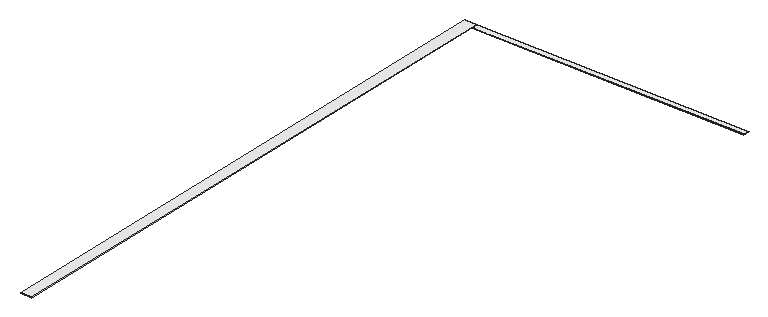
Revit family "Place Parking Interieur Standard", category Parking, Revit 2018
Family settings
  Basée sur le plan de construction = Non
  Toujours verticalement = Non
  Couper avec des vides une fois chargée = Non
  Partagée = Non
Parameters (values of type "PAR_INT_STANDARD")
  Angle = 90.00°
  Parking Length = 4800 mm
  Parking Width = 2400 mm
  pl = 4800 mm
  pw = 2400 mm
Reference planes
  plane 1 "Center (Front/Back)": y = 0
  plane 2: z = 0
  plane 3 "Center (Left/Right)": x = 0
  plane 4: y = -304.8
Forms (mm)
  Sweep 1, solid, material "Blanc"
    path in 3D
      loop
        line (0, 0, 0) -> (0, -4800, 0)
    profile origin (0, -2400, 0) x (1, 0, 0) y (0, 0, 1)
      loop
        line (-50.8, 0) -> (50.8, 0) -> (50.8, 3.175) -> (-50.8, 3.175) -> (-50.8, 0)
  Extrusion 2, solid, material "Blanc"
    sketch origin (0, 0, 0) x (1, 0, 0) y (0, 1, 0)
      loop
        line (50.8, 0) -> (50.8, -50) -> (2400, -50) -> (2400, 0) -> (50.8, 0)
    from 0 to 3.2
Lines and regions (mm)
  model lines, style "Reference Line"
    curve 1: line (2400, 0, 0) -> (2400, -4800, 0)
  model lines, style "Parking Layout"
    curve 2: line (2400, 0, 0) -> (0, 0, 0)
    curve 3: line (0, 0, 0) -> (0, -4800, 0)
  sketch lines
    curve 4: line (0, 0, 0) -> (0, -4800, 0)
Dimensions and locks
  "pw": curve 3 to curve 2
  "pl": curve 2 to curve 1
  "Angle": angle curve 3 to plane 4
  "Angle": angle curve 1 to plane 4
  aligned and locked: plane 1 "Center (Front/Back)" to curve 1
  aligned and locked: plane 3 "Center (Left/Right)" to curve 2
  aligned and locked: plane 1 "Center (Front/Back)" to curve 3
Automatic sketch dimensions
  curve 3 to curve 1 = 0 mm
  profile plane to Sweep 1 sketch curve = 50.8 mm
  Sweep 1 sketch curve to profile plane = 50.8 mm
  Sweep 1 sketch curve to Sweep 1 sketch curve = 3.175 mm
  plane 1 "Center (Front/Back)" to Extrusion 2 sketch curve = 0 mm
  plane 3 "Center (Left/Right)" to Extrusion 2 sketch curve = 50.8 mm
  plane 1 "Center (Front/Back)" to Extrusion 2 sketch curve = 50 mm
  Extrusion 2 sketch curve to Extrusion 2 sketch curve = 2349.2 mm
